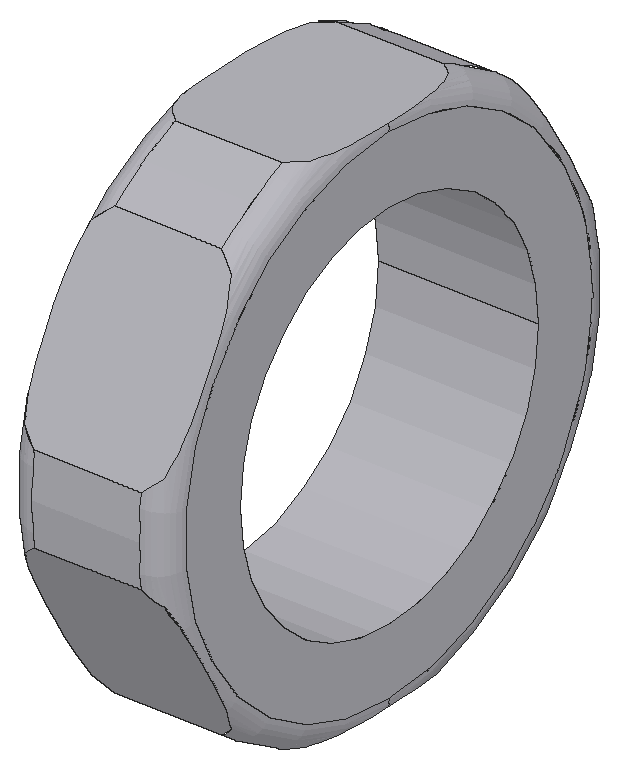
Revit family "13H", category Pipe Accessories, Revit 2018
Family settings
  Round Connector Dimension = Use Diameter
  Part Type = Normal
  Work Plane-Based = No
  Always vertical = Yes
  Cut with Voids When Loaded = No
  Shared = No
Parameters (values of type "13H")
  pipe radius [instance] = Nominal Diameter / 2  # 1.500"
  fillet [instance] = 0.210"  # constant formula
  Weight [instance] = size_lookup(LookupTable, "Weight", "NA", Nominal Diameter)  # "1.826 lbs."
  Void2 [instance] = 0.150"  # constant formula
  Void1 [instance] = 0.500"  # constant formula
  V1 [instance] = B + Void1  # 4.688"
  URL = "http://www.fnw.com"
  Standards Lookup Table = "Standards"  # constant formula
  Product ID [instance] = size_lookup(LookupTable, "ProductID", "NA", Nominal Diameter)  # "4830689"
  Part Number [instance] = size_lookup(LookupTable, "PartNumber", "NA", Nominal Diameter)  # "G13H4M"
  Nominal Diameter [instance] = 3"
  LookupTable = "13H"  # constant formula
  Description BOM [instance] = size_lookup(LookupTable, "Description_BOM", "NA", Nominal Diameter)  # "3 304 SAN HEX UNION NUT"
  BR [instance] = B / 2  # 2.094"
  B [instance] = size_lookup(LookupTable, "B", 0.000", Nominal Diameter)  # 4.188"
  A [instance] = size_lookup(LookupTable, "A", 0.000", Nominal Diameter)  # 1.281"
Reference planes (in)
  plane 1 "Center (Front/Back)": y = 0
  plane 2: z = 0
  plane 3 "Center (Left/Right)": x = 0
  plane 4: z = 1.5
  plane 5: x = -0.6405
  plane 6: x = 0.6405
  plane 7: z = 2.094
  plane 8: z = -2.094
Forms (in)
  Extrusion 1, solid, material "Steel, Stainless"
    sketch origin (0, 0, 0) x (0, 1, 0) y (0, 0, 1)
      loop
        circle (0, 0) r 1.5
      loop
        line (2.41794, 0) -> (1.20897, 2.094) -> (-1.20897, 2.094) -> (-2.41794, 0) -> (-1.20897, -2.094) -> (1.20897, -2.094) -> (2.41794, 0)
    from -0.6405 to 0.6405
  Revolve 2, void
    sketch origin (0, 0, 0) x (1, 0, 0) y (0, 0, 1)
      loop
        line (-0.4305, 2.244) -> (0.4305, 2.244)
        arc (0.4305, 2.244) -> (0.57899, 2.18249) -> (0.6405, 2.034) r 0.21
        line (0.6405, 2.034) -> (0.6405, 0) -> (2.344, 0) -> (2.344, 4.688) -> (-2.344, 4.688) -> (-2.344, 0) -> (-0.6405, 0) -> (-0.6405, 2.034)
        arc (-0.6405, 2.034) -> (-0.57899, 2.18249) -> (-0.4305, 2.244) r 0.21
      axis (-2.344, 0) -> (2.344, 0)
    angle from 0 to 360
Cuts and joins
  Revolve 2 cuts Extrusion 1
Text (in)
  text "1 1/2\" shown" at (2.42436, 0, -2.37906), in view "Front"
Dimensions and locks (in)
  equal spacing: plane 6, plane 3 "Center (Left/Right)", plane 5
  "A": plane 6 to plane 5
  "pipe radius": plane 4 to plane 2
  equal spacing: plane 7, plane 2, plane 8
  "B": plane 7 to plane 8
  "BR": Extrusion 1 sketch curve to plane 2  (x5)
  "BR": plane 2 to Extrusion 1 sketch curve
  "V1": Revolve 2 sketch curve to plane 2
  equal spacing: Revolve 2 sketch curve, plane 3 "Center (Left/Right)", Revolve 2 sketch curve
  "V1": Revolve 2 sketch curve to Revolve 2 sketch curve
  "Void2": Revolve 2 sketch curve to plane 7
  "pipe radius": radius of Extrusion 1 sketch curve
  "fillet": radius of Revolve 2 sketch curve  (x2)
  angle Extrusion 1 sketch curve to Extrusion 1 sketch curve = 120.00°  (x5)
  aligned and locked: plane 2 to level
  aligned and locked: Extrusion 1 to plane 6
  aligned and locked: Revolve 2 sketch curve to plane 6
  aligned and locked: Revolve 2 sketch curve to plane 5
  aligned and locked: Revolve 2 sketch curve to plane 2  (x2)
  aligned and locked: Extrusion 1 to plane 5
Automatic sketch dimensions
  Extrusion 1 sketch curve to level = 0.000"
  Extrusion 1 sketch curve to plane 1 "Center (Front/Back)" = 0.000"
  Revolve 2 sketch curve to level = 0.000"
  Revolve 2 sketch curve to Revolve 2 sketch curve = 0.50396"
  Revolve 2 sketch curve to Revolve 2 sketch curve = 0.13819"
Connectors (in)
  piping at (-0.6405, 0, 0), diameter 3, driven by "Nominal Diameter"
    settings: on cut or joined group of Extrusion 1, Revolve 2, index 1, connector inside diameter 24", connector length 0.000", flow factor 0, pipe flow 0 GPM, pressure drop 0.00 psi, fitting loss kfactor 0, connector angle 0.00°, fixture units 0, engagement length 0.000", angle of deflection 0.00°, flow configuration 0, flow direction 0, fitting loss method 0, system type 16, joint type 0, gender type 0, connector reference index -1, connector utility 0, adjustable connector no, is connector primary yes, connector description ""
  piping at (-0.6405, 0, 0), diameter 3, driven by "Nominal Diameter"
    settings: on cut or joined group of Extrusion 1, Revolve 2, index 2, connector inside diameter 24", connector length 0.000", flow factor 0, pipe flow 0 GPM, pressure drop 0.00 psi, fitting loss kfactor 0, connector angle 0.00°, fixture units 0, engagement length 0.000", angle of deflection 0.00°, flow configuration 0, flow direction 0, fitting loss method 0, system type 16, joint type 0, gender type 0, connector reference index -1, connector utility 0, adjustable connector no, is connector primary no, connector description ""
  piping at (0.6405, 0, 0), diameter 3, driven by "Nominal Diameter"
    settings: on cut or joined group of Extrusion 1, Revolve 2, index 3, connector inside diameter 24", connector length 0.000", flow factor 0, pipe flow 0 GPM, pressure drop 0.00 psi, fitting loss kfactor 0, connector angle 0.00°, fixture units 0, engagement length 0.000", angle of deflection 0.00°, flow configuration 0, flow direction 0, fitting loss method 0, system type 16, joint type 0, gender type 0, connector reference index -1, connector utility 0, adjustable connector no, is connector primary no, connector description ""
